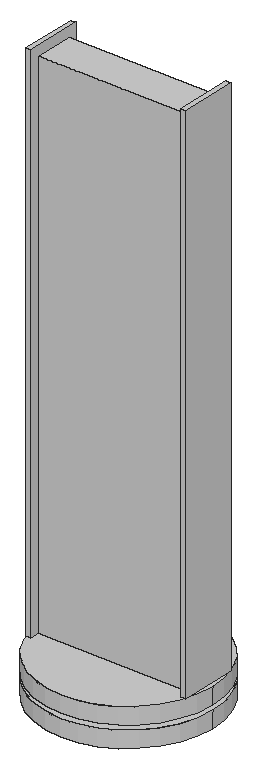
Revit family "SR", category Specialty Equipment, Revit 2012
Parameters (values of type "Pegboard Spinner Rack (Default)")
  URL = "http://madixinc.com/display/freestanding.html"
  Model = "Pegboard Spinner Rack"
  Manufacturer = "© 2012 Madix, Inc. All rights reserved."
Reference planes (in)
  plane 1 "Center (Front/Back)": y = 0
  plane 2: z = 0
  plane 3 "Center (Left/Right)": x = 0
  plane 4: x = -9
  plane 5: x = 9
  plane 6: z = 4
  plane 7: z = 60
  plane 8: y = 3
  plane 9: y = -3
  plane 10: x = -8.48528
  plane 11: x = 8.48528
  plane 12: x = -7.98528
  plane 13: x = 7.98528
  plane 14: z = 59
  plane 15: z = 2.25
  plane 16: z = 1.75
Forms (in)
  Extrusion 1, solid, material "Metal - Steel"
    sketch origin (0, 0, 0) x (1, 0, 0) y (0, 1, 0)
      loop
        circle (0, 0) r 9
    from 2.25 to 4
  Extrusion 2, solid, material "Metal - Steel"
    sketch origin (0, 0, 0) x (1, 0, 0) y (0, 1, 0)
      loop
        line (-8.48528, 3) -> (-8.48528, -3) -> (-7.98528, -3) -> (-7.98528, 3) -> (-8.48528, 3)
      loop
        line (8.48528, 3) -> (7.98528, 3) -> (7.98528, -3) -> (8.48528, -3) -> (8.48528, 3)
    from 4 to 60
  Extrusion 3, solid, material "Metal - Steel"
    sketch origin (0, 0, 0) x (1, 0, 0) y (0, 1, 0)
      loop
        line (-7.98528, 2) -> (-7.98528, -2) -> (7.98528, -2) -> (7.98528, 2) -> (-7.98528, 2)
    from 4 to 59
  Extrusion 4, solid, material "Metal - Steel"
    sketch origin (0, 0, 3.5) x (0, -1, 0) y (1, 0, 0)
      loop
        circle (0, 0) r 9
    from -3.5 to -1.75
  Extrusion 5, solid, material "Metal - Steel"
    sketch origin (0, 0, 0) x (1, 0, 0) y (0, 1, 0)
      loop
        circle (0, 0) r 6
    from 1.75 to 2.25
Dimensions and locks (in)
  aligned and locked: level to plane 2
